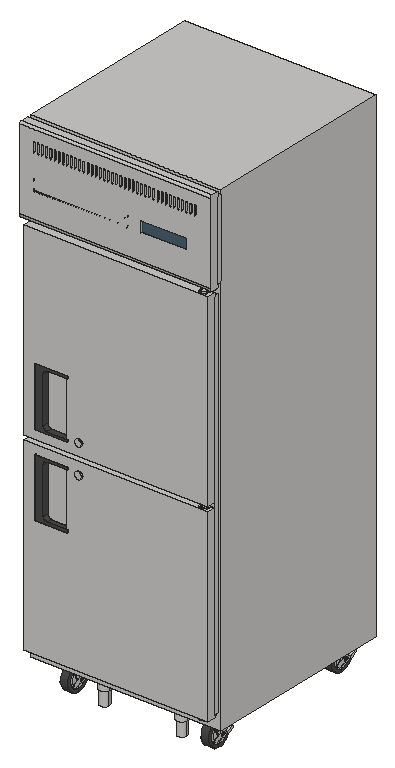
Revit family "QF_EVEREST_ES_H2_cat", category Specialty Equipment, Revit 2015
Parameters (values of type "ESRH2_115/60/1")
  Weight in Pounds = 298
  Watts = if(Phase = 3, Volts * FL Amps * 1.73, Volts * FL Amps)  # 460 W
  Volts = 115 V
  URL Cutsheet = ""
  Specification by User = ""
  Specification by Manufacturer = ""
  Show Clearance [instance] = yes
  Serial Number = ""
  Seismic Rating = ""
  SMACNA No = ""
  Revision Code = ""
  Refrigerant Volume = 0.00 kip
  Refrigerant Type = "R290"
  Phase = 1
  Number of Poles = 1
  NAFEM Spec ID Number = ""
  Model = "ESRH2"
  Min Ckt Ampacity = 0 A
  Max Overcurrent Protection = 0 A
  Masterspec = ""
  Manufacturer = "EVEREST"
  Length = 740 mm
  Item Number = ""
  Installed By = ""
  Identify Quantity as Lot = yes
  Height = 2010 mm
  HP = "1/4+"
  Furnished By = ""
  Foodservice Equipment Identifier = yes
  FL Amps = 4 A
  Electrical Remarks = ""
  Electric Connection Type = ""
  Elec Conn RI Height = 0 mm
  Elec Conn Connection Height = 0 mm
  Description = "UPRIGHT REACH–IN REFRIGERATOR"
  Depth = 803 mm
  Cycle = 60 Hz
  Conn Plug = "NEMA 5-15P"
  Conn Conduit = yes
  CSI MasterFormat = ""
  BTUH = 1926.0 Btu/h
  Apparent Power = 0 VA
Types (2, lengths in mm): name | Weight in Pounds | Watts | Model | HP | FL Amps | Description | BTUH
  ESFH2_115/60/1 | 322 | 575 W | "ESFH2" | "1/2" | 5 A | "UPRIGHT REACH–IN FREEZER" | 1670.0 Btu/h
  ESRH2_115/60/1 | 298 | 460 W | "ESRH2" | "1/4+" | 4 A | "UPRIGHT REACH–IN REFRIGERATOR" | 1926.0 Btu/h
Reference planes
  plane 1 "BACK": y = 0
  plane 2: z = 0
  plane 3 "LEFT": x = 0
  plane 4 "RIGHT": x = 740
  plane 5 "FRONT": y = -803
  plane 6 "TOP": z = 2010
  plane 7 "Center Y": x = 370
  plane 8 "Center X": y = -401.5
  plane 9: y = -1491
  plane 10: z = 125
  plane 11: y = -750
Forms (mm)
  Extrusion 1, solid, material "QF_Metal - Stainless - Polished"
    sketch origin (0, 0, 0) x (0, 1, 0) y (0, 0, 1)
      loop
        line (0, 2010) -> (-750, 2010) -> (-750, 125) -> (0, 125) -> (0, 2010)
    from 0 to 740
  Extrusion 2, solid, material "QF_Metal - Stainless - Polished"
    sketch origin (0, 0, 0) x (0, 1, 0) y (0, 0, 1)
      loop
        line (-765, 2010) -> (-794.973, 2010)
        arc (-794.973, 2010) -> (-800.649, 2007.649) -> (-803, 2001.973) r 8.027
        line (-803, 2001.973) -> (-803, 1687.87)
        arc (-803, 1687.87) -> (-799.172, 1678.628) -> (-789.93, 1674.8) r 13.07
        line (-789.93, 1674.8) -> (-765, 1674.8) -> (-765, 2010)
    from 0 to 740
  Extrusion 3, solid, material "QF_Metal - Stainless - Polished"
    sketch origin (0, 0, 0) x (0, 1, 0) y (0, 0, 1)
      loop
        line (-765, 1688.8) -> (-758.141, 1688.8)
        arc (-758.141, 1688.8) -> (-757.087, 1689.01) -> (-756.193, 1689.607) r 2.754
        line (-756.193, 1689.607) -> (-750.858, 1694.942)
        arc (-750.858, 1694.942) -> (-750.223, 1695.892) -> (-750, 1697.014) r 2.93
        line (-750, 1697.014) -> (-750, 1990.992)
        arc (-750, 1990.992) -> (-750.222, 1992.108) -> (-750.854, 1993.054) r 2.916
        line (-750.854, 1993.054) -> (-755.935, 1998.135)
        arc (-755.935, 1998.135) -> (-757.115, 1998.923) -> (-758.506, 1999.2) r 3.637
        line (-758.506, 1999.2) -> (-765, 1999.2) -> (-765, 1688.8)
    from 0 to 740
  Extrusion 4, solid, material "QF_Metal - Stainless - Polished"
    sketch origin (0, 0, 0) x (1, 0, 0) y (0, 0, 1)
      loop
        line (13, 924) -> (727, 924) -> (727, 1654) -> (13, 1654) -> (13, 924)
      loop
        arc (60.313, 1186.531) -> (56.778, 1185.067) -> (55.313, 1181.531) r 5
        line (55.313, 1181.531) -> (55.313, 961.531)
        arc (55.313, 961.531) -> (56.778, 957.996) -> (60.313, 956.531) r 5
        line (60.313, 956.531) -> (179.313, 956.531)
        arc (179.313, 956.531) -> (182.849, 957.996) -> (184.313, 961.531) r 5
        line (184.313, 961.531) -> (184.313, 966.531) -> (179.313, 966.531) -> (179.313, 1176.531) -> (184.313, 1176.531) -> (184.313, 1181.531)
        arc (184.313, 1181.531) -> (182.849, 1185.067) -> (179.313, 1186.531) r 5
        line (179.313, 1186.531) -> (60.313, 1186.531)
      loop
        arc (60.313, 871.469) -> (56.778, 870.004) -> (55.313, 866.469) r 5
        line (55.313, 866.469) -> (55.313, 646.469)
        arc (55.313, 646.469) -> (56.778, 642.933) -> (60.313, 641.469) r 5
        line (60.313, 641.469) -> (179.313, 641.469)
        arc (179.313, 641.469) -> (182.849, 642.933) -> (184.313, 646.469) r 5
        line (184.313, 646.469) -> (184.313, 651.469) -> (179.313, 651.469) -> (179.313, 861.469) -> (184.313, 861.469) -> (184.313, 866.469)
        arc (184.313, 866.469) -> (182.849, 870.004) -> (179.313, 871.469) r 5
        line (179.313, 871.469) -> (60.313, 871.469)
      loop
        line (13, 904) -> (13, 174) -> (727, 174) -> (727, 904) -> (13, 904)
    from 765 to 800
  Extrusion 5, solid, material "QF_Metal - Stainless - Polished"
    sketch origin (0, 0, 0) x (0, 1, 0) y (0, 0, 1)
      loop
        line (-750, 1644) -> (-765, 1644) -> (-765, 182.5) -> (-750, 182.5) -> (-750, 1644)
    from 13 to 727
  Extrusion 6, solid, material "QF_Plastic - Black - Smooth"
    sketch origin (0, 0, 0) x (1, 0, 0) y (0, 0, 1)
      loop
        arc (60.313, 1186.531) -> (56.778, 1185.067) -> (55.313, 1181.531) r 5
        line (55.313, 1181.531) -> (55.313, 961.531)
        arc (55.313, 961.531) -> (56.778, 957.996) -> (60.313, 956.531) r 5
        line (60.313, 956.531) -> (179.313, 956.531)
        arc (179.313, 956.531) -> (182.849, 957.996) -> (184.313, 961.531) r 5
        line (184.313, 961.531) -> (184.313, 966.531) -> (103.313, 966.531)
        arc (103.313, 966.531) -> (92.707, 970.925) -> (88.313, 981.531) r 15
        line (88.313, 981.531) -> (88.313, 1161.531)
        arc (88.313, 1161.531) -> (92.707, 1172.138) -> (103.313, 1176.531) r 15
        line (103.313, 1176.531) -> (184.313, 1176.531) -> (184.313, 1181.531)
        arc (184.313, 1181.531) -> (182.849, 1185.067) -> (179.313, 1186.531) r 5
        line (179.313, 1186.531) -> (60.313, 1186.531)
      loop
        arc (60.313, 871.469) -> (56.778, 870.004) -> (55.313, 866.469) r 5
        line (55.313, 866.469) -> (55.313, 646.469)
        arc (55.313, 646.469) -> (56.778, 642.933) -> (60.313, 641.469) r 5
        line (60.313, 641.469) -> (179.313, 641.469)
        arc (179.313, 641.469) -> (182.849, 642.933) -> (184.313, 646.469) r 5
        line (184.313, 646.469) -> (184.313, 651.469) -> (103.313, 651.469)
        arc (103.313, 651.469) -> (92.707, 655.862) -> (88.313, 666.469) r 15
        line (88.313, 666.469) -> (88.313, 846.469)
        arc (88.313, 846.469) -> (92.707, 857.075) -> (103.313, 861.469) r 15
        line (103.313, 861.469) -> (184.313, 861.469) -> (184.313, 866.469)
        arc (184.313, 866.469) -> (182.849, 870.004) -> (179.313, 871.469) r 5
        line (179.313, 871.469) -> (60.313, 871.469)
    from 780 to 800
  Extrusion 7, void
    sketch origin (0, -803, 2030) x (0, 0, -1) y (1, 0, 0)
      loop
        line (105, 61.992) -> (73, 61.992)
        arc (73, 61.992) -> (69, 57.992) -> (73, 53.992) r 4
        line (73, 53.992) -> (105, 53.992)
        arc (105, 53.992) -> (109, 57.992) -> (105, 61.992) r 4
      loop
        line (73, 69.992) -> (105, 69.992)
        arc (105, 69.992) -> (109, 73.992) -> (105, 77.992) r 4
        line (105, 77.992) -> (73, 77.992)
        arc (73, 77.992) -> (69, 73.992) -> (73, 69.992) r 4
      loop
        line (73, 85.992) -> (105, 85.992)
        arc (105, 85.992) -> (109, 89.992) -> (105, 93.992) r 4
        line (105, 93.992) -> (73, 93.992)
        arc (73, 93.992) -> (69, 89.992) -> (73, 85.992) r 4
      loop
        line (73, 101.992) -> (105, 101.992)
        arc (105, 101.992) -> (109, 105.992) -> (105, 109.992) r 4
        line (105, 109.992) -> (73, 109.992)
        arc (73, 109.992) -> (69, 105.992) -> (73, 101.992) r 4
      loop
        line (73, 117.992) -> (105, 117.992)
        arc (105, 117.992) -> (109, 121.992) -> (105, 125.992) r 4
        line (105, 125.992) -> (73, 125.992)
        arc (73, 125.992) -> (69, 121.992) -> (73, 117.992) r 4
      loop
        line (73, 133.992) -> (105, 133.992)
        arc (105, 133.992) -> (109, 137.992) -> (105, 141.992) r 4
        line (105, 141.992) -> (73, 141.992)
        arc (73, 141.992) -> (69, 137.992) -> (73, 133.992) r 4
      loop
        line (73, 149.992) -> (105, 149.992)
        arc (105, 149.992) -> (109, 153.992) -> (105, 157.992) r 4
        line (105, 157.992) -> (73, 157.992)
        arc (73, 157.992) -> (69, 153.992) -> (73, 149.992) r 4
      loop
        line (73, 165.992) -> (105, 165.992)
        arc (105, 165.992) -> (109, 169.992) -> (105, 173.992) r 4
        line (105, 173.992) -> (73, 173.992)
        arc (73, 173.992) -> (69, 169.992) -> (73, 165.992) r 4
      loop
        line (73, 181.992) -> (105, 181.992)
        arc (105, 181.992) -> (109, 185.992) -> (105, 189.992) r 4
        line (105, 189.992) -> (73, 189.992)
        arc (73, 189.992) -> (69, 185.992) -> (73, 181.992) r 4
      loop
        line (73, 197.992) -> (105, 197.992)
        arc (105, 197.992) -> (109, 201.992) -> (105, 205.992) r 4
        line (105, 205.992) -> (73, 205.992)
        arc (73, 205.992) -> (69, 201.992) -> (73, 197.992) r 4
      loop
        line (73, 213.992) -> (105, 213.992)
        arc (105, 213.992) -> (109, 217.992) -> (105, 221.992) r 4
        line (105, 221.992) -> (73, 221.992)
        arc (73, 221.992) -> (69, 217.992) -> (73, 213.992) r 4
      loop
        line (73, 229.992) -> (105, 229.992)
        arc (105, 229.992) -> (109, 233.992) -> (105, 237.992) r 4
        line (105, 237.992) -> (73, 237.992)
        arc (73, 237.992) -> (69, 233.992) -> (73, 229.992) r 4
      loop
        line (73, 245.992) -> (105, 245.992)
        arc (105, 245.992) -> (109, 249.992) -> (105, 253.992) r 4
        line (105, 253.992) -> (73, 253.992)
        arc (73, 253.992) -> (69, 249.992) -> (73, 245.992) r 4
      loop
        line (73, 261.992) -> (105, 261.992)
        arc (105, 261.992) -> (109, 265.992) -> (105, 269.992) r 4
        line (105, 269.992) -> (73, 269.992)
        arc (73, 269.992) -> (69, 265.992) -> (73, 261.992) r 4
      loop
        line (73, 277.992) -> (105, 277.992)
        arc (105, 277.992) -> (109, 281.992) -> (105, 285.992) r 4
        line (105, 285.992) -> (73, 285.992)
        arc (73, 285.992) -> (69, 281.992) -> (73, 277.992) r 4
      loop
        line (73, 293.992) -> (105, 293.992)
        arc (105, 293.992) -> (109, 297.992) -> (105, 301.992) r 4
        line (105, 301.992) -> (73, 301.992)
        arc (73, 301.992) -> (69, 297.992) -> (73, 293.992) r 4
      loop
        line (73, 309.992) -> (105, 309.992)
        arc (105, 309.992) -> (109, 313.992) -> (105, 317.992) r 4
        line (105, 317.992) -> (73, 317.992)
        arc (73, 317.992) -> (69, 313.992) -> (73, 309.992) r 4
      loop
        line (73, 325.992) -> (105, 325.992)
        arc (105, 325.992) -> (109, 329.992) -> (105, 333.992) r 4
        line (105, 333.992) -> (73, 333.992)
        arc (73, 333.992) -> (69, 329.992) -> (73, 325.992) r 4
      loop
        line (73, 341.992) -> (105, 341.992)
        arc (105, 341.992) -> (109, 345.992) -> (105, 349.992) r 4
        line (105, 349.992) -> (73, 349.992)
        arc (73, 349.992) -> (69, 345.992) -> (73, 341.992) r 4
      loop
        line (73, 357.992) -> (105, 357.992)
        arc (105, 357.992) -> (109, 361.992) -> (105, 365.992) r 4
        line (105, 365.992) -> (73, 365.992)
        arc (73, 365.992) -> (69, 361.992) -> (73, 357.992) r 4
      loop
        arc (105, 678.008) -> (109, 682.008) -> (105, 686.008) r 4
        line (105, 686.008) -> (73, 686.008)
        arc (73, 686.008) -> (69, 682.008) -> (73, 678.008) r 4
        line (73, 678.008) -> (105, 678.008)
      loop
        arc (73, 670.008) -> (69, 666.008) -> (73, 662.008) r 4
        line (73, 662.008) -> (105, 662.008)
        arc (105, 662.008) -> (109, 666.008) -> (105, 670.008) r 4
        line (105, 670.008) -> (73, 670.008)
      loop
        arc (73, 654.008) -> (69, 650.008) -> (73, 646.008) r 4
        line (73, 646.008) -> (105, 646.008)
        arc (105, 646.008) -> (109, 650.008) -> (105, 654.008) r 4
        line (105, 654.008) -> (73, 654.008)
      loop
        arc (73, 638.008) -> (69, 634.008) -> (73, 630.008) r 4
        line (73, 630.008) -> (105, 630.008)
        arc (105, 630.008) -> (109, 634.008) -> (105, 638.008) r 4
        line (105, 638.008) -> (73, 638.008)
      loop
        arc (73, 622.008) -> (69, 618.008) -> (73, 614.008) r 4
        line (73, 614.008) -> (105, 614.008)
        arc (105, 614.008) -> (109, 618.008) -> (105, 622.008) r 4
        line (105, 622.008) -> (73, 622.008)
      loop
        arc (73, 606.008) -> (69, 602.008) -> (73, 598.008) r 4
        line (73, 598.008) -> (105, 598.008)
        arc (105, 598.008) -> (109, 602.008) -> (105, 606.008) r 4
        line (105, 606.008) -> (73, 606.008)
      loop
        arc (73, 590.008) -> (69, 586.008) -> (73, 582.008) r 4
        line (73, 582.008) -> (105, 582.008)
        arc (105, 582.008) -> (109, 586.008) -> (105, 590.008) r 4
        line (105, 590.008) -> (73, 590.008)
      loop
        arc (73, 574.008) -> (69, 570.008) -> (73, 566.008) r 4
        line (73, 566.008) -> (105, 566.008)
        arc (105, 566.008) -> (109, 570.008) -> (105, 574.008) r 4
        line (105, 574.008) -> (73, 574.008)
      loop
        arc (73, 558.008) -> (69, 554.008) -> (73, 550.008) r 4
        line (73, 550.008) -> (105, 550.008)
        arc (105, 550.008) -> (109, 554.008) -> (105, 558.008) r 4
        line (105, 558.008) -> (73, 558.008)
      loop
        arc (73, 542.008) -> (69, 538.008) -> (73, 534.008) r 4
        line (73, 534.008) -> (105, 534.008)
        arc (105, 534.008) -> (109, 538.008) -> (105, 542.008) r 4
        line (105, 542.008) -> (73, 542.008)
      loop
        arc (73, 526.008) -> (69, 522.008) -> (73, 518.008) r 4
        line (73, 518.008) -> (105, 518.008)
        arc (105, 518.008) -> (109, 522.008) -> (105, 526.008) r 4
        line (105, 526.008) -> (73, 526.008)
      loop
        arc (73, 510.008) -> (69, 506.008) -> (73, 502.008) r 4
        line (73, 502.008) -> (105, 502.008)
        arc (105, 502.008) -> (109, 506.008) -> (105, 510.008) r 4
        line (105, 510.008) -> (73, 510.008)
      loop
        arc (73, 494.008) -> (69, 490.008) -> (73, 486.008) r 4
        line (73, 486.008) -> (105, 486.008)
        arc (105, 486.008) -> (109, 490.008) -> (105, 494.008) r 4
        line (105, 494.008) -> (73, 494.008)
      loop
        arc (73, 478.008) -> (69, 474.008) -> (73, 470.008) r 4
        line (73, 470.008) -> (105, 470.008)
        arc (105, 470.008) -> (109, 474.008) -> (105, 478.008) r 4
        line (105, 478.008) -> (73, 478.008)
      loop
        arc (73, 462.008) -> (69, 458.008) -> (73, 454.008) r 4
        line (73, 454.008) -> (105, 454.008)
        arc (105, 454.008) -> (109, 458.008) -> (105, 462.008) r 4
        line (105, 462.008) -> (73, 462.008)
      loop
        arc (73, 446.008) -> (69, 442.008) -> (73, 438.008) r 4
        line (73, 438.008) -> (105, 438.008)
        arc (105, 438.008) -> (109, 442.008) -> (105, 446.008) r 4
        line (105, 446.008) -> (73, 446.008)
      loop
        arc (73, 430.008) -> (69, 426.008) -> (73, 422.008) r 4
        line (73, 422.008) -> (105, 422.008)
        arc (105, 422.008) -> (109, 426.008) -> (105, 430.008) r 4
        line (105, 430.008) -> (73, 430.008)
      loop
        arc (73, 414.008) -> (69, 410.008) -> (73, 406.008) r 4
        line (73, 406.008) -> (105, 406.008)
        arc (105, 406.008) -> (109, 410.008) -> (105, 414.008) r 4
        line (105, 414.008) -> (73, 414.008)
      loop
        arc (73, 398.008) -> (69, 394.008) -> (73, 390.008) r 4
        line (73, 390.008) -> (105, 390.008)
        arc (105, 390.008) -> (109, 394.008) -> (105, 398.008) r 4
        line (105, 398.008) -> (73, 398.008)
      loop
        arc (73, 382.008) -> (69, 378.008) -> (73, 374.008) r 4
        line (73, 374.008) -> (105, 374.008)
        arc (105, 374.008) -> (109, 378.008) -> (105, 382.008) r 4
        line (105, 382.008) -> (73, 382.008)
      loop
        arc (200.062, 418.988) -> (203.598, 417.523) -> (205.062, 413.988) r 5
        line (205.062, 413.988) -> (205.062, 58.996)
        arc (205.062, 58.996) -> (203.598, 55.46) -> (200.062, 53.996) r 5
        line (200.062, 53.996) -> (204.496, 53.992)
        arc (204.496, 53.992) -> (208.032, 55.456) -> (209.496, 58.992) r 5
        line (209.496, 58.992) -> (209.496, 413.992)
        arc (209.496, 413.992) -> (208.032, 417.528) -> (204.496, 418.992) r 5
        line (204.496, 418.992) -> (200.062, 418.988)
      loop
        arc (233.068, 418.988) -> (236.604, 417.523) -> (238.068, 413.988) r 5
        line (238.068, 413.988) -> (238.068, 58.996)
        arc (238.068, 58.996) -> (236.604, 55.46) -> (233.068, 53.996) r 5
        line (233.068, 53.996) -> (237.502, 53.992)
        arc (237.502, 53.992) -> (241.038, 55.456) -> (242.502, 58.992) r 5
        line (242.502, 58.992) -> (242.502, 413.992)
        arc (242.502, 413.992) -> (241.038, 417.528) -> (237.502, 418.992) r 5
        line (237.502, 418.992) -> (233.068, 418.988)
      loop
        arc (238.578, 469.75) -> (239.938, 470.313) -> (240.501, 471.673) r 1.923
        line (240.501, 471.673) -> (240.501, 647.294)
        arc (240.501, 647.294) -> (239.928, 648.677) -> (238.545, 649.25) r 1.956
        line (238.545, 649.25) -> (200.5, 649.25)
        arc (200.5, 649.25) -> (199.086, 648.665) -> (198.501, 647.25) r 1.997
        line (198.501, 647.25) -> (198.501, 471.75)
        arc (198.501, 471.75) -> (199.086, 470.335) -> (200.5, 469.75) r 1.997
        line (200.5, 469.75) -> (238.578, 469.75)
    from 0 to -3
  Extrusion 8, solid, material "Glass"
    sketch origin (0, -800, 2030) x (0, 0, -1) y (1, 0, 0)
      loop
        arc (198.501, 471.75) -> (199.086, 470.335) -> (200.5, 469.75) r 1.997
        line (200.5, 469.75) -> (238.578, 469.75)
        arc (238.578, 469.75) -> (239.938, 470.313) -> (240.501, 471.673) r 1.923
        line (240.501, 471.673) -> (240.501, 647.294)
        arc (240.501, 647.294) -> (239.928, 648.677) -> (238.545, 649.25) r 1.956
        line (238.545, 649.25) -> (200.5, 649.25)
        arc (200.5, 649.25) -> (199.086, 648.665) -> (198.501, 647.25) r 1.997
        line (198.501, 647.25) -> (198.501, 471.75)
    from 0 to 3
  Extrusion 9, solid, material "QF_Metal - Stainless - Polished"
    sketch origin (2.005, 0, 924) x (0, -1, 0) y (-1, 0, 0)
      loop
        circle (784, -697) r 10
    from 0 to 5
  Extrusion 10, solid, material "QF_Metal - Stainless - Polished"
    sketch origin (2.005, 0, 924) x (0, -1, 0) y (-1, 0, 0)
      loop
        arc (789.13, -711.095) -> (798.772, -694.395) -> (784, -682) r 15
        line (784, -682) -> (750, -676.005) -> (750, -717.995) -> (789.13, -711.095)
      loop
        circle (784, -697) r 10
    from 0 to 2.5
  Extrusion 11, solid, material "QF_Metal - Stainless - Polished"
    sketch origin (-10.995, 0, 1654) x (1, 0, 0) y (0, 1, 0)
      loop
        circle (710, -784) r 10
    from 0 to 5
  Extrusion 12, solid, material "QF_Metal - Stainless - Polished"
    sketch origin (-10.995, 0, 1654) x (1, 0, 0) y (0, 1, 0)
      loop
        line (724.095, -789.13) -> (730.995, -750) -> (689.005, -750) -> (695, -784)
        arc (695, -784) -> (707.395, -798.772) -> (724.095, -789.13) r 15
      loop
        circle (710, -784) r 10
    from 0 to 2.5
  Revolve 13, solid, material "QF_Metal - Stainless - Polished"
    sketch origin (0, -665, 0) x (1, 0, 0) y (0, 0, 1)
      loop
        line (218.953, 0) -> (218.953, 125) -> (183.953, 125) -> (183.953, 115) -> (188.953, 115) -> (188.953, 104.5) -> (197.953, 90.5) -> (197.953, 55.5) -> (201.703, 55.5) -> (201.703, 0) -> (218.953, 0)
      axis (218.953, 0) -> (218.953, 125)
    angle from 0 to 360
  Revolve 14, solid, material "QF_Metal - Stainless - Polished"
    sketch origin (301.095, -665, 0) x (1, 0, 0) y (0, 0, 1)
      loop
        line (218.953, 0) -> (218.953, 125) -> (183.953, 125) -> (183.953, 115) -> (188.953, 115) -> (188.953, 104.5) -> (197.953, 90.5) -> (197.953, 55.5) -> (201.703, 55.5) -> (201.703, 0) -> (218.953, 0)
      axis (218.953, 0) -> (218.953, 125)
    angle from 0 to 360
  Extrusion 15, solid, material "QF_Door-Drawer Clearances", visible <- "Show Clearance", detail levels coarse
    sketch origin (0, 0, 0) x (1, 0, 0) y (0, 1, 0)
      loop
        line (727, -800) -> (13, -800)
        arc (13, -800) -> (226.368, -1293.913) -> (727, -1491) r 700.792
        line (727, -1491) -> (727, -800)
    from 924 to 1654
  Extrusion 16, solid, material "QF_Metal - Stainless - Polished"
    sketch origin (0, 0, 1980) x (0, 0, 1) y (1, 0, 0)
      loop
        circle (-241.795, 370) r 6.35
    from 0 to 6.4
  Extrusion 17, solid, material "QF_Metal - Stainless - Polished"
    sketch origin (2.005, 0, 174) x (0, -1, 0) y (-1, 0, 0)
      loop
        circle (784, -697) r 10
    from 0 to 5
  Extrusion 18, solid, material "QF_Metal - Stainless - Polished"
    sketch origin (2.005, 0, 174) x (0, -1, 0) y (-1, 0, 0)
      loop
        arc (789.13, -711.095) -> (798.772, -694.395) -> (784, -682) r 15
        line (784, -682) -> (750, -676.005) -> (750, -717.995) -> (789.13, -711.095)
      loop
        circle (784, -697) r 10
    from 0 to 2.5
  Extrusion 19, solid, material "QF_Metal - Stainless - Polished"
    sketch origin (2.005, 0, 904) x (1, 0, 0) y (0, 1, 0)
      loop
        circle (697, -784) r 10
    from 0 to 5
  Extrusion 20, solid, material "QF_Metal - Stainless - Polished"
    sketch origin (2.005, 0, 904) x (1, 0, 0) y (0, 1, 0)
      loop
        line (711.095, -789.13) -> (717.995, -750) -> (676.005, -750) -> (682, -784)
        arc (682, -784) -> (694.395, -798.772) -> (711.095, -789.13) r 15
      loop
        circle (697, -784) r 10
    from 0 to 2.5
  Extrusion 21, solid, material "QF_Door-Drawer Clearances", visible <- "Show Clearance", detail levels coarse
    sketch origin (0, 0, 0) x (1, 0, 0) y (0, 1, 0)
      loop
        line (727, -800) -> (13, -800)
        arc (13, -800) -> (226.368, -1293.913) -> (727, -1491) r 700.792
        line (727, -1491) -> (727, -800)
    from 904 to 174
  Extrusion 22, solid, material "QF_Metal - Stainless - Polished"
    sketch origin (0, -800, 2030) x (0, 0, -1) y (1, 0, 0)
      loop
        circle (1059.217, 226.893) r 13.25
      loop
        circle (1172.783, 226.893) r 13.25
    from 0 to 3
Cuts and joins
  Extrusion 7 cuts Extrusion 2
Lines and regions (mm)
  symbolic lines
    curve 1: line (0, 0, 0) -> (740, 0, 0)
    curve 2: line (0, -803, 0) -> (0, 0, 0)
    curve 3: line (740, -803, 0) -> (0, -803, 0)
    curve 4: line (740, 0, 0) -> (740, -803, 0)
    curve 5: line (0, -765, 0) -> (740, -765, 0)
    curve 6: line (0, -750, 0) -> (740, -750, 0)
  symbolic lines, style "QF_Door-Drawer Clearances"
    curve 7: arc (13, -800, 0) -> (40.11, -983.601, 0) -> (114.465, -1153.647, 0) r 700.792
    curve 8: line (114.465, -1153.647, 0) -> (727, -800, 0)
Dimensions and locks
  equal spacing: plane 3 "LEFT", plane 7 "Center Y", plane 4 "RIGHT"
  "Length": plane 3 "LEFT" to plane 4 "RIGHT"
  equal spacing: plane 5 "FRONT", plane 8 "Center X", plane 1 "BACK"
  "Depth": plane 5 "FRONT" to plane 1 "BACK"
  "Height": plane 6 "TOP" to level
  plane 9 to plane 1 "BACK" = 1491 mm
  plane 6 "TOP" to plane 2 = 2010 mm
  plane 10 to plane 2 = 125 mm
  plane 6 "TOP" to plane 10 = 1885 mm
  plane 5 "FRONT" to plane 1 "BACK" = 803 mm
  plane 11 to plane 1 "BACK" = 750 mm
  Extrusion 4 sketch curve to Extrusion 4 sketch curve = 714 mm
  aligned and locked: plane 2 to level
Automatic sketch dimensions
  plane 1 "BACK" to curve 1 = 0 mm
  curve 1 to plane 3 "LEFT" = 0 mm
  curve 5 to plane 4 "RIGHT" = 0 mm
  plane 5 "FRONT" to curve 2 = 0 mm
  curve 6 to plane 11 = 0 mm
  plane 3 "LEFT" to curve 8 = 114.465 mm
  curve 7 to plane 5 "FRONT" = 12.667 mm
  plane 4 "RIGHT" to curve 7 = 26.274 mm
  plane 9 to curve 8 = 337.353 mm
  curve 7 to plane 5 "FRONT" = 3 mm
  curve 8 to plane 5 "FRONT" = 3 mm
  plane 4 "RIGHT" to curve 8 = 13 mm
  curve 5 to plane 11 = 15 mm
  Extrusion 1 sketch curve to plane 6 "TOP" = 0 mm
  Extrusion 1 sketch curve to plane 11 = 0 mm
  Extrusion 1 sketch curve to plane 1 "BACK" = 0 mm
  Extrusion 1 sketch curve to plane 10 = 0 mm
  Extrusion 2 sketch curve to plane 5 "FRONT" = 0 mm
  Extrusion 2 sketch curve to plane 6 "TOP" = 0 mm
  Extrusion 2 sketch curve to Extrusion 2 sketch curve = 8.027 mm
  Extrusion 2 sketch curve to Extrusion 2 sketch curve = 13.07 mm
  Extrusion 2 sketch curve to plane 11 = 15 mm
  Extrusion 2 sketch curve to Extrusion 2 sketch curve = 314.103 mm
  Extrusion 3 sketch curve to plane 11 = 0 mm
  Extrusion 3 sketch curve to plane 11 = 0.854 mm
  Extrusion 3 sketch curve to plane 11 = 0.858 mm
  Extrusion 3 sketch curve to plane 11 = 2.916 mm
  Extrusion 3 sketch curve to plane 11 = 2.93 mm
  Extrusion 3 sketch curve to plane 11 = 5.935 mm
  Extrusion 3 sketch curve to plane 11 = 6.193 mm
  Extrusion 3 sketch curve to Extrusion 3 sketch curve = 1.947 mm
  Extrusion 3 sketch curve to Extrusion 3 sketch curve = 2.572 mm  (x2)
  Extrusion 3 sketch curve to Extrusion 3 sketch curve = 6.859 mm
  Extrusion 3 sketch curve to plane 6 "TOP" = 321.2 mm
  Extrusion 3 sketch curve to Extrusion 3 sketch curve = 0.807 mm
  Extrusion 3 sketch curve to Extrusion 3 sketch curve = 5.335 mm
  Extrusion 3 sketch curve to plane 6 "TOP" = 19.008 mm
  Extrusion 3 sketch curve to Extrusion 3 sketch curve = 4.571 mm
  plane 3 "LEFT" to Extrusion 4 sketch curve = 13 mm  (x2)
  plane 3 "LEFT" to Extrusion 4 sketch curve = 55.313 mm  (x2)
  Extrusion 4 sketch curve to Extrusion 4 sketch curve = 5 mm  (x12)
  Extrusion 4 sketch curve to Extrusion 4 sketch curve = 119 mm  (x2)
  Extrusion 4 sketch curve to Extrusion 4 sketch curve = 0 mm  (x4)
  plane 4 "RIGHT" to Extrusion 4 sketch curve = 13 mm
  plane 10 to Extrusion 4 sketch curve = 49 mm
  Extrusion 4 sketch curve to Extrusion 4 sketch curve = 467.469 mm
  Extrusion 4 sketch curve to Extrusion 4 sketch curve = 210 mm  (x2)
  Extrusion 4 sketch curve to Extrusion 4 sketch curve = 37.531 mm
  Extrusion 4 sketch curve to Extrusion 4 sketch curve = 20 mm
  Extrusion 4 sketch curve to Extrusion 4 sketch curve = 32.531 mm
  Extrusion 4 sketch curve to plane 6 "TOP" = 356 mm
  Extrusion 5 sketch curve to plane 11 = 0 mm
  Extrusion 5 sketch curve to plane 11 = 15 mm
  plane 10 to Extrusion 5 sketch curve = 57.5 mm
  Extrusion 5 sketch curve to plane 6 "TOP" = 366 mm
  plane 3 "LEFT" to Extrusion 6 sketch curve = 55.313 mm  (x2)
  Extrusion 6 sketch curve to Extrusion 6 sketch curve = 5 mm  (x10)
  Extrusion 6 sketch curve to Extrusion 6 sketch curve = 28 mm  (x2)
  Extrusion 6 sketch curve to Extrusion 6 sketch curve = 15 mm  (x4)
  Extrusion 6 sketch curve to Extrusion 6 sketch curve = 76 mm  (x4)
  plane 10 to Extrusion 6 sketch curve = 516.469 mm
  Extrusion 6 sketch curve to Extrusion 6 sketch curve = 180 mm  (x2)
  Extrusion 6 sketch curve to Extrusion 6 sketch curve = 20 mm  (x2)
  Extrusion 6 sketch curve to Extrusion 6 sketch curve = 85.063 mm
  Extrusion 9 sketch curve to Extrusion 4 = 16 mm
  Extrusion 9 sketch curve to Extrusion 4 = 27.995 mm
  Extrusion 10 sketch curve to Extrusion 10 sketch curve = 0 mm  (x2)
  Extrusion 10 sketch curve to Extrusion 4 = 7 mm
  Extrusion 4 to Extrusion 10 sketch curve = 15 mm
  Extrusion 10 sketch curve to Extrusion 4 = 16 mm
  Extrusion 10 sketch curve to Extrusion 4 = 10.87 mm
  Extrusion 10 sketch curve to Extrusion 4 = 13.9 mm
  Extrusion 10 sketch curve to Extrusion 10 sketch curve = 14.095 mm
  Extrusion 10 sketch curve to Extrusion 10 sketch curve = 5.995 mm
  Extrusion 11 sketch curve to plane 5 "FRONT" = 19 mm
  plane 4 "RIGHT" to Extrusion 11 sketch curve = 40.995 mm
  Extrusion 12 sketch curve to Extrusion 12 sketch curve = 0 mm  (x2)
  Extrusion 12 sketch curve to plane 11 = 0 mm
  plane 4 "RIGHT" to Extrusion 12 sketch curve = 61.99 mm
  Extrusion 12 sketch curve to plane 5 "FRONT" = 19 mm
  Extrusion 12 sketch curve to Extrusion 12 sketch curve = 5.995 mm
  Extrusion 12 sketch curve to Extrusion 12 sketch curve = 15 mm
  Extrusion 12 sketch curve to plane 5 "FRONT" = 13.87 mm
  plane 4 "RIGHT" to Extrusion 12 sketch curve = 20 mm
  Revolve 13 sketch curve to plane 10 = 0 mm  (x2)
  Revolve 13 sketch curve to level = 0 mm
  plane 3 "LEFT" to Revolve 13 sketch curve = 183.953 mm
  Revolve 13 sketch curve to Revolve 13 sketch curve = 5 mm
  Revolve 13 sketch curve to Revolve 13 sketch curve = 9 mm
  Revolve 13 sketch curve to Revolve 13 sketch curve = 3.75 mm
  Revolve 13 sketch curve to Revolve 13 sketch curve = 30 mm
  level to Revolve 13 sketch curve = 55.5 mm
  Revolve 13 sketch curve to plane 10 = 34.5 mm
  Revolve 13 sketch curve to Revolve 13 sketch curve = 14 mm
  Revolve 13 sketch curve to plane 10 = 10 mm
  Revolve 13 sketch curve to Revolve 13 sketch curve = 0 mm
  Revolve 13 sketch curve to Revolve 13 sketch curve = 20 mm
  Revolve 14 sketch curve to plane 10 = 0 mm  (x2)
  Revolve 14 sketch curve to level = 0 mm
  plane 7 "Center Y" to Revolve 14 sketch curve = 115.047 mm
  Revolve 14 sketch curve to Revolve 14 sketch curve = 5 mm
  Revolve 14 sketch curve to Revolve 14 sketch curve = 9 mm
  Revolve 14 sketch curve to Revolve 14 sketch curve = 3.75 mm
  Revolve 14 sketch curve to Revolve 14 sketch curve = 30 mm
  level to Revolve 14 sketch curve = 55.5 mm
  Revolve 14 sketch curve to plane 10 = 34.5 mm
  Revolve 14 sketch curve to Revolve 14 sketch curve = 14 mm
  Revolve 14 sketch curve to plane 10 = 10 mm
  Revolve 14 sketch curve to Revolve 14 sketch curve = 0 mm
  Revolve 14 sketch curve to Revolve 14 sketch curve = 20 mm
  Extrusion 15 sketch curve to plane 9 = 0 mm
  Extrusion 15 sketch curve to plane 5 "FRONT" = 3 mm
  plane 3 "LEFT" to Extrusion 15 sketch curve = 13 mm
  Extrusion 15 sketch curve to plane 5 "FRONT" = 12.667 mm
  Extrusion 15 sketch curve to Extrusion 15 sketch curve = 700.726 mm
  Extrusion 16 sketch curve to Extrusion 1 = 271.795 mm
  Extrusion 1 to Extrusion 16 sketch curve = 370 mm
  Extrusion 17 sketch curve to plane 5 "FRONT" = 19 mm
  plane 4 "RIGHT" to Extrusion 17 sketch curve = 40.995 mm
  Extrusion 18 sketch curve to Extrusion 18 sketch curve = 0 mm  (x2)
  Extrusion 18 sketch curve to plane 11 = 0 mm
  Extrusion 18 sketch curve to plane 5 "FRONT" = 19 mm
  Extrusion 18 sketch curve to plane 5 "FRONT" = 13.87 mm
  plane 4 "RIGHT" to Extrusion 18 sketch curve = 61.99 mm
  Extrusion 18 sketch curve to Extrusion 18 sketch curve = 5.995 mm
  Extrusion 18 sketch curve to Extrusion 18 sketch curve = 15 mm
  plane 4 "RIGHT" to Extrusion 18 sketch curve = 20 mm
  Extrusion 19 sketch curve to plane 5 "FRONT" = 19 mm
  plane 4 "RIGHT" to Extrusion 19 sketch curve = 40.995 mm
  Extrusion 20 sketch curve to Extrusion 20 sketch curve = 0 mm  (x2)
  Extrusion 20 sketch curve to plane 11 = 0 mm
  plane 4 "RIGHT" to Extrusion 20 sketch curve = 61.99 mm
  Extrusion 20 sketch curve to plane 5 "FRONT" = 19 mm
  Extrusion 20 sketch curve to Extrusion 20 sketch curve = 5.995 mm
  Extrusion 20 sketch curve to Extrusion 20 sketch curve = 15 mm
  Extrusion 20 sketch curve to plane 5 "FRONT" = 13.87 mm
  plane 4 "RIGHT" to Extrusion 20 sketch curve = 20 mm
  Extrusion 21 sketch curve to plane 9 = 0 mm
  Extrusion 21 sketch curve to plane 5 "FRONT" = 3 mm
  plane 3 "LEFT" to Extrusion 21 sketch curve = 13 mm
  Extrusion 21 sketch curve to plane 5 "FRONT" = 12.667 mm
  Extrusion 21 sketch curve to Extrusion 21 sketch curve = 700.726 mm
  Extrusion 2 to Extrusion 7 sketch curve = 44.973 mm  (x3)
  Extrusion 7 sketch curve to Extrusion 7 sketch curve = 0 mm  (x79)
  Extrusion 7 sketch curve to Extrusion 7 sketch curve = 32 mm  (x3)
  Extrusion 7 sketch curve to Extrusion 7 sketch curve = 93.501 mm
  Extrusion 7 sketch curve to Extrusion 7 sketch curve = 95.062 mm
  Extrusion 7 sketch curve to Extrusion 7 sketch curve = 1.562 mm
  Extrusion 7 sketch curve to Extrusion 7 sketch curve = 1.997 mm  (x3)
  Extrusion 7 sketch curve to Extrusion 7 sketch curve = 0.003 mm  (x3)
  Extrusion 7 sketch curve to Extrusion 7 sketch curve = 4.434 mm  (x6)
  Extrusion 7 sketch curve to Extrusion 7 sketch curve = 0.566 mm  (x2)
  Extrusion 7 sketch curve to Extrusion 7 sketch curve = 23.572 mm  (x2)
  Extrusion 7 sketch curve to Extrusion 7 sketch curve = 38.044 mm
  Extrusion 7 sketch curve to Extrusion 7 sketch curve = 38.08 mm
  Extrusion 7 sketch curve to Extrusion 7 sketch curve = 1.923 mm
  Extrusion 2 to Extrusion 7 sketch curve = 53.992 mm  (x2)
  Extrusion 7 sketch curve to Extrusion 7 sketch curve = 5 mm
  Extrusion 7 sketch curve to Extrusion 7 sketch curve = 4 mm  (x40)
  Extrusion 7 sketch curve to Extrusion 7 sketch curve = 0.004 mm  (x4)
  Extrusion 7 sketch curve to Extrusion 7 sketch curve = 8 mm  (x38)
  Extrusion 7 sketch curve to Extrusion 7 sketch curve = 8.017 mm
  Extrusion 7 sketch curve to Extrusion 7 sketch curve = 0.02 mm
  Extrusion 7 sketch curve to Extrusion 7 sketch curve = 50.758 mm
  Extrusion 2 to Extrusion 7 sketch curve = 92.75 mm
  Extrusion 8 sketch curve to Extrusion 7 = 0 mm  (x2)
  Extrusion 8 sketch curve to Extrusion 7 = 0.509 mm
  Extrusion 22 sketch curve to plane 7 "Center Y" = 143.107 mm
  Extrusion 22 sketch curve to Extrusion 22 sketch curve = 113.567 mm
  Extrusion 22 sketch curve to Extrusion 22 sketch curve = 0 mm
  plane 10 to Extrusion 22 sketch curve = 845.783 mm
  radius of Extrusion 9 sketch curve = 10 mm
  radius of Extrusion 10 sketch curve = 10 mm
  radius of Extrusion 11 sketch curve = 10 mm
  radius of Extrusion 12 sketch curve = 10 mm
  radius of Extrusion 16 sketch curve = 6.35 mm
  radius of Extrusion 17 sketch curve = 10 mm
  radius of Extrusion 18 sketch curve = 10 mm
  radius of Extrusion 19 sketch curve = 10 mm
  radius of Extrusion 20 sketch curve = 10 mm
  radius of Extrusion 8 sketch curve to Extrusion 7 = 0 mm  (x3)
  radius of Extrusion 22 sketch curve = 13.25 mm  (x2)
Nested families
  nested 1: "5 INCHES 01_CASTER" at (96.503, -682.5, 0), type "5 INCHES 01_CASTER"
    with Type Mark "", Specification by User "", Show 5" Casters yes, Revision Code "", Key Locks yes, Item Number "", Installed By "", Identify Quantity as Lot yes, Furnished By "", Foodservice Equipment Identifier yes
  nested 2: "5 INCHES 01_CASTER" at (643.497, -682.5, 0), type "5 INCHES 01_CASTER"
    with Type Mark "", Specification by User "", Show 5" Casters yes, Revision Code "", Key Locks yes, Item Number "", Installed By "", Identify Quantity as Lot yes, Furnished By "", Foodservice Equipment Identifier yes
  nested 3: "5 INCHES 01_CASTER" at (96.503, -86.049, 0), type "5 INCHES 01_CASTER"
    with Type Mark "", Specification by User "", Show 5" Casters yes, Revision Code "", Key Locks yes, Item Number "", Installed By "", Identify Quantity as Lot yes, Furnished By "", Foodservice Equipment Identifier yes
  nested 4: "5 INCHES 01_CASTER" at (643.497, -86.049, 0), type "5 INCHES 01_CASTER"
    with Type Mark "", Specification by User "", Show 5" Casters yes, Revision Code "", Key Locks yes, Item Number "", Installed By "", Identify Quantity as Lot yes, Furnished By "", Foodservice Equipment Identifier yes
Connectors
  electrical at (370, 6.4, 1738.205), driven by "Volts", driven by "Watts"
    settings: on Extrusion 16, index 1, voltage 115 V, apparent load 460 VA, apparent load phase1 0 VA, apparent load phase2 0 VA, apparent load phase3 0 VA, power factor 1, load classification "Other", number of poles 1, system type 30, power factor state 1, is connector primary yes, connector utility no, sub classification motor no, connector description "ELECTRICAL CONNECTION"
Definition of nested family "5 INCHES 01_CASTER"
  Parameters (values of type "5 INCHES 01_CASTER")
    Weight = ""
    URL Manufacturer = ""
    URL Cutsheet = ""
    URL = ""
    Type Mark [instance] = ""
    Specification by User [instance] = ""
    Specification by Manufacturer = ""
    Show 5" Casters [instance] = yes
    Serial Number = ""
    Seismic Rating = ""
    SMACNA No = ""
    Revision Code [instance] = ""
    Omniclass Number and Title = ""
    NAFEM Spec ID Number = ""
    Model = ""
    MasterSpec. = ""
    Manufacturer = ""
    Key Locks [instance] = yes
    Item Number [instance] = ""
    Installed By [instance] = ""
    Identify Quantity as Lot [instance] = yes
    Furnished By [instance] = ""
    Foodservice Equipment Identifier [instance] = yes
    Description = ""
    CSI MasterFormat = ""
    CSI Master Format = ""
    Assembly Code = ""
  Reference planes
    plane 1: z = 0
    plane 2 "RIGHT": x = 0
    plane 3 "FRONT": y = 0
    plane 4 "TOP": z = 125
  Forms (mm)
    Revolve 1, solid, visible <- "Show 5" Casters"
      sketch origin (-49.224, 25.364, -25.504) x (1, 0, 0) y (0, 0, 1)
        loop
          line (18.81, 76.304) -> (18.81, 74.386) -> (20.08, 73.116) -> (21.604, 73.116) -> (21.604, 70.067) -> (31.369, 70.067) -> (31.369, 65.181) -> (34.939, 63.12) -> (37.88, 44.951) -> (34.131, 44.951) -> (34.131, 38.998) -> (34.925, 38.998) -> (34.925, 25.504) -> (63.103, 25.504) -> (63.103, 38.998) -> (63.897, 38.998) -> (63.897, 44.951) -> (60.148, 44.951) -> (63.103, 63.209) -> (66.659, 65.262) -> (66.659, 70.067) -> (77.218, 70.067) -> (77.218, 73.116) -> (78.742, 73.116) -> (80.012, 74.386) -> (80.012, 76.304) -> (18.81, 76.304)
        axis (18.81, 76.304) -> (80.012, 76.304)
      angle from 0 to 360
    Extrusion 2, solid, visible <- "Show 5" Casters"
      sketch origin (-49.224, 49.87, -19.154) x (0, 1, 0) y (0, 0, 1)
        loop
          line (-85.786, 135.49) -> (-85.786, 125.149) -> (-63.321, 125.149)
          arc (-63.321, 125.149) -> (-37.391, 124.905) -> (-11.779, 120.85) r 175.807
          arc (-11.779, 120.85) -> (3.607, 115.163) -> (17.14, 105.894) r 66.729
          line (17.14, 105.894) -> (20.005, 109.985)
          arc (20.005, 109.985) -> (12.217, 116.012) -> (3.375, 120.348) r 48.686
          line (3.375, 120.348) -> (5.384, 123.823)
          arc (5.384, 123.823) -> (-4.003, 127.534) -> (-13.953, 129.229) r 48.686
          line (-13.953, 129.229) -> (-13.953, 135.49) -> (-85.786, 135.49)
      from 29.809 to 68.639
    Revolve 3, solid, visible <- "Show 5" Casters"
      sketch origin (0, 54.748, -31.75) x (0, 1, 0) y (0, 0, 1)
        loop
          line (-56.335, 156.75) -> (-56.335, 148.085) -> (-26.871, 148.085) -> (-26.871, 156.75) -> (-56.335, 156.75)
        axis (-56.335, 148.085) -> (-56.335, 156.75)
      angle from 0 to 360
    Extrusion 4, solid, visible <- "Show 5" Casters"
      sketch origin (-50.414, 49.87, -19.154) x (0, 1, 0) y (0, 0, 1)
        loop
          line (-85.786, 135.49) -> (-85.786, 125.149) -> (-79.594, 125.149)
          arc (-79.594, 125.149) -> (-54.006, 99.703) -> (-39.582, 66.626) r 96.297
          arc (-39.582, 66.626) -> (-20.695, 54.419) -> (-8.07, 73.029) r 16.082
          arc (-8.07, 73.029) -> (-0.57, 93.403) -> (17.434, 105.537) r 35.307
          line (17.434, 105.537) -> (20.005, 109.985)
          arc (20.005, 109.985) -> (12.217, 116.012) -> (3.375, 120.348) r 48.686
          line (3.375, 120.348) -> (5.384, 123.823)
          arc (5.384, 123.823) -> (-4.003, 127.534) -> (-13.953, 129.229) r 48.686
          line (-13.953, 129.229) -> (-13.953, 135.49) -> (-85.786, 135.49)
      from 69.829 to 73.87
    Extrusion 5, solid, visible <- "Show 5" Casters"
      sketch origin (50.414, 49.87, -19.154) x (0, 1, 0) y (0, 0, -1)
        loop
          line (-85.786, -135.49) -> (-13.953, -135.49) -> (-13.953, -129.229)
          arc (-13.953, -129.229) -> (-4.003, -127.534) -> (5.384, -123.823) r 48.686
          line (5.384, -123.823) -> (3.375, -120.348)
          arc (3.375, -120.348) -> (12.217, -116.012) -> (20.005, -109.985) r 48.686
          line (20.005, -109.985) -> (17.434, -105.537)
          arc (17.434, -105.537) -> (-0.57, -93.403) -> (-8.07, -73.029) r 35.307
          arc (-8.07, -73.029) -> (-20.695, -54.419) -> (-39.582, -66.626) r 16.082
          arc (-39.582, -66.626) -> (-54.006, -99.703) -> (-79.594, -125.149) r 96.297
          line (-79.594, -125.149) -> (-85.786, -125.149) -> (-85.786, -135.49)
      from 69.829 to 73.87
    Extrusion 6, solid, visible <- "Key Locks"
      sketch origin (-24.606, 52.001, -14.628) x (0, 1, 0) y (0, 0, -1)
        loop
          line (-65.658, -51.806) -> (-48.06, -61.966) -> (-38.931, -67.237)
          arc (-38.931, -67.237) -> (-36.934, -70.238) -> (-35.227, -73.414) r 38.511
          arc (-35.227, -73.414) -> (-28.855, -79.511) -> (-20.232, -81.358) r 16.169
          arc (-20.232, -81.358) -> (-17.043, -81.321) -> (-13.877, -81.702) r 24.356
          line (-13.877, -81.702) -> (5.921, -93.132) -> (10.917, -84.478)
          arc (10.917, -84.478) -> (11.804, -78.832) -> (8.674, -74.049) r 7.95
          line (8.674, -74.049) -> (5.356, -77.367)
          arc (5.356, -77.367) -> (6.116, -79.837) -> (3.628, -80.537) r 1.806
          line (3.628, -80.537) -> (-13.41, -70.697)
          arc (-13.41, -70.697) -> (-15.803, -63.781) -> (-9.299, -60.428) r 5.588
          arc (-9.299, -60.428) -> (-8.725, -59.868) -> (-8.601, -59.076) r 1.27
          arc (-8.601, -59.076) -> (-12.712, -53.586) -> (-19.178, -51.298) r 11.834
          line (-19.178, -51.298) -> (-37.992, -51.298)
          arc (-37.992, -51.298) -> (-40.049, -51.027) -> (-41.967, -50.233) r 7.95
          line (-41.967, -50.233) -> (-52.169, -44.343)
          arc (-52.169, -44.343) -> (-58.202, -43.549) -> (-63.029, -47.253) r 7.95
          line (-63.029, -47.253) -> (-65.658, -51.806)
      from 0 to 1.588
    Extrusion 7, solid, visible <- "Key Locks"
      sketch origin (-24.606, 52.001, -14.628) x (0, 1, 0) y (0, 0, -1)
        loop
          line (-11.606, -67.574) -> (11.954, -81.173)
          arc (11.954, -81.173) -> (11.253, -77.179) -> (8.674, -74.049) r 7.95
          line (8.674, -74.049) -> (-9.311, -64.367)
          arc (-9.311, -64.367) -> (-12.227, -64.705) -> (-11.606, -67.574) r 1.981
      from 0 to 12.7
    Extrusion 8, solid, visible <- "Key Locks"
      sketch origin (24.606, 52.001, -14.628) x (0, 1, 0) y (0, 0, 1)
        loop
          line (-65.658, 51.806) -> (-63.029, 47.253)
          arc (-63.029, 47.253) -> (-58.202, 43.549) -> (-52.169, 44.343) r 7.95
          line (-52.169, 44.343) -> (-41.967, 50.233)
          arc (-41.967, 50.233) -> (-40.049, 51.027) -> (-37.992, 51.298) r 7.95
          line (-37.992, 51.298) -> (-19.178, 51.298)
          arc (-19.178, 51.298) -> (-12.712, 53.586) -> (-8.601, 59.076) r 11.834
          arc (-8.601, 59.076) -> (-8.725, 59.868) -> (-9.299, 60.428) r 1.27
          arc (-9.299, 60.428) -> (-15.803, 63.781) -> (-13.41, 70.697) r 5.588
          line (-13.41, 70.697) -> (3.628, 80.537)
          arc (3.628, 80.537) -> (6.116, 79.837) -> (5.356, 77.367) r 1.806
          line (5.356, 77.367) -> (8.674, 74.049)
          arc (8.674, 74.049) -> (11.804, 78.832) -> (10.917, 84.478) r 7.95
          line (10.917, 84.478) -> (5.921, 93.132) -> (-13.877, 81.702)
          arc (-13.877, 81.702) -> (-17.043, 81.321) -> (-20.232, 81.358) r 24.356
          arc (-20.232, 81.358) -> (-28.855, 79.511) -> (-35.227, 73.414) r 16.169
          arc (-35.227, 73.414) -> (-36.934, 70.238) -> (-38.931, 67.237) r 38.511
          line (-38.931, 67.237) -> (-48.06, 61.966) -> (-65.658, 51.806)
      from 0 to 1.588
    Extrusion 9, solid, visible <- "Key Locks"
      sketch origin (24.606, 52.001, -14.628) x (0, 1, 0) y (0, 0, 1)
        loop
          arc (-11.606, 67.574) -> (-12.227, 64.705) -> (-9.311, 64.367) r 1.981
          line (-9.311, 64.367) -> (8.674, 74.049)
          arc (8.674, 74.049) -> (11.253, 77.179) -> (11.954, 81.173) r 7.95
          line (11.954, 81.173) -> (-11.606, 67.574)
      from 0 to 12.7
  Cuts and joins
    joined: Extrusion 2, Extrusion 4, Extrusion 5
  Lines and regions (mm)
    symbolic lines, visible <- "Show 5" Casters"
      curve 1: line (13.783, 56.222, 0) -> (38.186, 42.133, 0)
      curve 2: line (-37.017, -31.766, 0) -> (-17.967, 1.23, 0)
      curve 3: line (-12.614, -45.855, 0) -> (-37.017, -31.766, 0)
      curve 4: line (38.186, 42.133, 0) -> (19.136, 9.138, 0)
      curve 5: line (-5.267, 23.227, 0) -> (13.783, 56.222, 0)
      curve 6: line (6.436, -12.859, 0) -> (-12.614, -45.855, 0)
  Dimensions and locks
    plane 4 "TOP" to level = 125 mm  (x2)
    aligned and locked: level to plane 1
